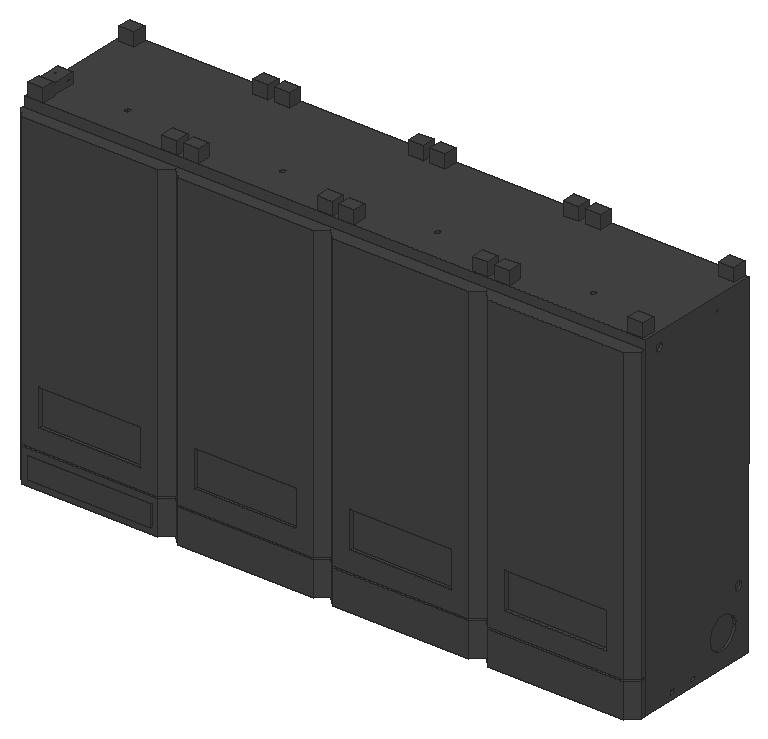
Revit family "SPG1012-4_Revit", category Mechanical Equipment, Revit 2014
Parameters (values of type "Standard")
  d98 = 0' - 2.04"
  d96 = 0' - 2.04"
  d94 = 0' - 2.04"
  d92 = 0' - 2.04"
  d90 = 0' - 2.04"
  d88 = 0' - 2.04"
  d86 = 0' - 2.04"
  d84 = 0' - 2.04"
  d82 = 0' - 2.04"
  d80 = 0' - 2.04"
  d78 = 0' - 2.04"
  d76 = 0' - 2.04"
  d74 = 0' - 2.04"
  d72 = 0' - 2.04"
  d70 = 0' - 0 1/2"
  d68 = 0' - 0 1/2"
  d66 = 0' - 0 1/2"
  d64 = 0' - 0 1/2"
  d62 = 0' - 0 1/2"
  d60 = 0' - 0 1/2"
  d58 = 0' - 0 1/2"
  d56 = 0' - 0 1/2"
  d54 = 0' - 0 1/2"
  d52 = 0' - 0 1/2"
  d50 = 0' - 0 1/2"
  d48 = 0' - 0 1/2"
  d46 = 0' - 0 1/2"
  d44 = 0' - 1.568"
  d42 = 0' - 0 1/2"
  d40 = 0' - 0 1/2"
  d38 = 0' - 0 1/2"
  d36 = 0' - 0 1/2"
  d34 = 0' - 0 1/2"
  d32 = 0' - 0 1/2"
  d30 = 0' - 0 1/2"
  d28 = 0' - 0 1/2"
  d26 = 0' - 0 1/2"
  d24 = 0' - 0 1/2"
  d22 = 0' - 0 1/2"
  d20 = 0' - 0 1/2"
  d18 = 0' - 0 1/2"
  d16 = 0' - 0 1/2"
  d132 = 0' - 0"
  d126 = 4' - 3.9938"
  d124 = 0' - 5 1/4"
  d122 = 0' - 5"
  d120 = 0' - 5"
  d118 = 0' - 5"
  d116 = 0' - 5"
  d114 = 3' - 9.203"
  d112 = 3' - 8.953"
  d110 = 3' - 8.953"
  d108 = 3' - 8.953"
  d106 = 3' - 8.953"
  d104 = 0' - 2.3146"
  d102 = 0' - 2.3146"
  d100 = 0' - 2.04"
  URL = "www.neptronic.com"
  Part Number = "SPG1012-4_Revit"
  Model = "SKG3710, SKG3765, SKG3810"
  Manufacturer = "Neptronic"
  Designer = "Antoine"
  Design Status = 1
  Description = "Gas Fired Humidifier (4 Modules)"
  Date Created = "2014-08-08 11:32:01"
  Connector_9_Diameter = 0' - 0"
  Connector_8_Diameter = 0' - 0"
  Connector_7_Diameter = 0' - 0"
  Connector_6_Diameter = 0' - 0"
  Connector_5_Diameter = 0' - 0"
  Connector_4_Diameter = 0' - 0"
  Connector_3_Diameter = 0' - 0"
  Connector_2_Diameter = 0' - 0"
  Connector_25_Width = 0' - 0"
  Connector_25_Height = 0' - 0"
  Connector_24_Width = 0' - 0"
  Connector_24_Height = 0' - 0"
  Connector_23_Width = 0' - 0"
  Connector_23_Height = 0' - 0"
  Connector_22_Width = 0' - 0"
  Connector_22_Height = 0' - 0"
  Connector_21_Diameter = 0' - 0"
  Connector_20_Diameter = 0' - 0"
  Connector_1_Diameter = 0' - 0"
  Connector_19_Diameter = 0' - 0"
  Connector_18_Diameter = 0' - 0"
  Connector_17_Diameter = 0' - 0"
  Connector_16_Diameter = 0' - 0"
  Connector_15_Diameter = 0' - 0"
  Connector_10_Diameter = 0' - 0"
  Author = "Antoine"
Reference planes (in)
  plane 1 "Center (Front/Back)": y = 0
  plane 2: z = 0
  plane 3 "Center (Left/Right)": x = 0
  plane 4: z = 15.31918
  plane 5: z = -36.67462
  plane 6: z = -31.50182
  plane 7: z = -36.75182
  plane 8: z = -31.50182
  plane 9: z = -36.50182
  plane 10: z = -31.50182
  plane 11: z = -36.50182
  plane 12: z = -31.50182
  plane 13: z = -36.50182
  plane 14: z = -31.50182
  plane 15: z = -36.50182
  plane 16: z = -31.25182
  plane 17: z = 13.95118
  plane 18: z = -31.25182
  plane 19: z = 13.70118
  plane 20: z = -31.25182
  plane 21: z = 13.70118
  plane 22: z = -31.25182
  plane 23: z = 13.70118
  plane 24: z = -31.25182
  plane 25: z = 13.70118
  plane 26: x = -53.83682
  plane 27: x = -56.15142
  plane 28: x = -53.83682
  plane 29: x = -56.15142
  plane 30: z = 15.31918
  plane 31: z = 17.35918
  plane 32: z = 15.31918
  plane 33: z = 17.35918
  plane 34: z = 15.31918
  plane 35: z = 17.35918
  plane 36: z = 15.31918
  plane 37: z = 17.35918
  plane 38: z = 15.31918
  plane 39: z = 17.35918
  plane 40: z = 15.31918
  plane 41: z = 17.35918
  plane 42: z = 15.31918
  plane 43: z = 17.35918
  plane 44: z = 15.31918
  plane 45: z = 17.35918
  plane 46: z = 15.31918
  plane 47: z = 17.35918
  plane 48: z = 15.31918
  plane 49: z = 17.35918
  plane 50: z = 15.31918
  plane 51: z = 17.35918
  plane 52: z = 15.31918
  plane 53: z = 17.35918
  plane 54: z = 15.31918
  plane 55: z = 17.35918
  plane 56: z = 15.31918
  plane 57: z = 17.35918
  plane 58: z = 15.31918
  plane 59: z = 17.35918
  plane 60: z = 15.31918
  plane 61: z = 14.81918
  plane 62: z = 15.31918
  plane 63: z = 14.81918
  plane 64: z = 15.31918
  plane 65: z = 14.81918
  plane 66: z = 15.31918
  plane 67: z = 14.81918
  plane 68: x = 39.23958
  plane 69: x = 38.73958
  plane 70: x = 39.23958
  plane 71: x = 38.73958
  plane 72: x = 39.23958
  plane 73: x = 38.73958
  plane 74: x = 39.23958
  plane 75: x = 38.73958
  plane 76: x = 39.23958
  plane 77: x = 38.73958
  plane 78: x = 39.23958
  plane 79: x = 38.73958
  plane 80: x = -56.65242
  plane 81: x = -56.15242
  plane 82: x = -56.65242
  plane 83: x = -56.15242
  plane 84: x = -56.65242
  plane 85: x = -56.15242
  plane 86: x = -56.65242
  plane 87: x = -58.22042
  plane 88: x = -56.65242
  plane 89: x = -56.15242
  plane 90: x = -56.65242
  plane 91: x = -56.15242
  plane 92: z = -36.67462
  plane 93: z = -36.17462
  plane 94: z = -36.67462
  plane 95: z = -36.17462
  plane 96: z = -36.67462
  plane 97: z = -36.17462
  plane 98: z = -36.67462
  plane 99: z = -36.17462
  plane 100: z = -36.67462
  plane 101: z = -36.17462
  plane 102: z = -36.67462
  plane 103: z = -36.17462
  plane 104: z = -36.67462
  plane 105: z = -36.17462
  plane 106: z = -36.67462
  plane 107: z = -36.17462
  plane 108: y = 24.18102
  plane 109: y = 24.68102
  plane 110: y = 24.18102
  plane 111: y = 24.68102
  plane 112: y = 24.18102
  plane 113: y = 24.68102
  plane 114: y = 24.18102
  plane 115: y = 24.68102
Forms (in)
  Extrusion 1, solid
    sketch origin (0, 0, 15.31918) x (-1, 0, 0) y (0, -1, 0)
      loop
        line (56.65242, -26.49202) -> (-39.23958, -26.49202) -> (-39.23958, -46.24182) -> (56.65242, -46.24182) -> (56.65242, -26.49202)
    from 0 to -51.9938
  Extrusion 2, solid
    sketch origin (0, 0, -31.50182) x (-1, 0, 0) y (0, -1, 0)
      loop
        line (-16.76338, -24.18102) -> (-37.74378, -24.18102) -> (-39.25358, -25.69082) -> (-39.25358, -26.24202) -> (56.66642, -26.24202) -> (56.66642, -25.69182) -> (55.15562, -24.18102) -> (34.17522, -24.18102) -> (32.67892, -25.67732) -> (31.18262, -24.18102) -> (10.20222, -24.18102) -> (8.70592, -25.67732) -> (7.20962, -24.18102) -> (-13.77078, -24.18102) -> (-15.26708, -25.67732) -> (-16.76338, -24.18102)
    from 0 to -5.25
  Extrusion 3, solid
    sketch origin (0, 0, -31.50182) x (-1, 0, 0) y (0, -1, 0)
      loop
        line (32.91542, -26.49202) -> (56.41642, -26.49202) -> (56.41642, -26.24202) -> (32.91542, -26.24202) -> (32.91542, -26.49202)
    from 0 to -5
  Extrusion 4, solid
    sketch origin (0, 0, -31.50182) x (-1, 0, 0) y (0, -1, 0)
      loop
        line (8.94242, -26.49202) -> (32.44342, -26.49202) -> (32.44342, -26.24202) -> (8.94242, -26.24202) -> (8.94242, -26.49202)
    from 0 to -5
  Extrusion 5, solid
    sketch origin (0, 0, -31.50182) x (-1, 0, 0) y (0, -1, 0)
      loop
        line (-15.03058, -26.49202) -> (8.47042, -26.49202) -> (8.47042, -26.24202) -> (-15.03058, -26.24202) -> (-15.03058, -26.49202)
    from 0 to -5
  Extrusion 6, solid
    sketch origin (0, 0, -31.50182) x (-1, 0, 0) y (0, -1, 0)
      loop
        line (-39.00358, -26.49202) -> (-15.50258, -26.49202) -> (-15.50258, -26.24202) -> (-39.00358, -26.24202) -> (-39.00358, -26.49202)
    from 0 to -5
  Extrusion 7, solid
    sketch origin (0, 0, -31.25182) x (-1, 0, 0) y (0, -1, 0)
      loop
        line (-39.25358, -26.24202) -> (56.66642, -26.24202) -> (56.66642, -25.69182) -> (55.15562, -24.18102) -> (34.17522, -24.18102) -> (32.67892, -25.67732) -> (31.18262, -24.18102) -> (10.20222, -24.18102) -> (8.70592, -25.67732) -> (7.20962, -24.18102) -> (-13.77078, -24.18102) -> (-15.26708, -25.67732) -> (-16.76338, -24.18102) -> (-37.74378, -24.18102) -> (-39.25358, -25.69082) -> (-39.25358, -26.24202)
    from 0 to 45.203
  Extrusion 8, solid
    sketch origin (0, 0, -31.25182) x (-1, 0, 0) y (0, -1, 0)
      loop
        line (-15.50258, -26.49202) -> (-15.50258, -26.24202) -> (-39.00358, -26.24202) -> (-39.00358, -26.49202) -> (-15.50258, -26.49202)
    from 0 to 44.953
  Extrusion 9, solid
    sketch origin (0, 0, -31.25182) x (-1, 0, 0) y (0, -1, 0)
      loop
        line (8.47042, -26.49202) -> (8.47042, -26.24202) -> (-15.03058, -26.24202) -> (-15.03058, -26.49202) -> (8.47042, -26.49202)
    from 0 to 44.953
  Extrusion 10, solid
    sketch origin (0, 0, -31.25182) x (-1, 0, 0) y (0, -1, 0)
      loop
        line (32.44342, -26.49202) -> (32.44342, -26.24202) -> (8.94242, -26.24202) -> (8.94242, -26.49202) -> (32.44342, -26.49202)
    from 0 to 44.953
  Extrusion 11, solid
    sketch origin (0, 0, -31.25182) x (-1, 0, 0) y (0, -1, 0)
      loop
        line (56.41642, -26.49202) -> (56.41642, -26.24202) -> (32.91542, -26.24202) -> (32.91542, -26.49202) -> (56.41642, -26.49202)
    from 0 to 44.953
  Extrusion 12, solid
    sketch origin (-53.83682, 0, 0) x (0, -1, 0) y (0, 0, -1)
      loop
        line (-28.58812, -17.35918) -> (-26.58812, -17.35918) -> (-26.58812, -15.31918) -> (-28.58812, -15.31918) -> (-28.58812, -15.48018) -> (-32.30312, -15.48018) -> (-32.30312, -17.08018) -> (-28.58812, -17.08018) -> (-28.58812, -17.35918)
    from 0 to -2.3146
  Extrusion 13, void
    sketch origin (-53.83682, 0, 0) x (0, -1, 0) y (0, 0, -1)
      loop
        circle (-31.36562, -16.28018) r 0.25
    from 0 to -2.3146
  Extrusion 14, solid
    sketch origin (0, 0, 15.31918) x (-1, 0, 0) y (0, -1, 0)
      loop
        line (53.83682, -44.14352) -> (53.83682, -46.14352) -> (56.15142, -46.14352) -> (56.15142, -44.14352) -> (53.83682, -44.14352)
    from 0 to 2.04
  Extrusion 15, solid
    sketch origin (0, 0, 15.31918) x (-1, 0, 0) y (0, -1, 0)
      loop
        line (33.18042, -44.14352) -> (33.18042, -46.14352) -> (35.49502, -46.14352) -> (35.49502, -44.14352) -> (33.18042, -44.14352)
    from 0 to 2.04
  Extrusion 16, solid
    sketch origin (0, 0, 15.31918) x (-1, 0, 0) y (0, -1, 0)
      loop
        line (29.86382, -44.14352) -> (29.86382, -46.14352) -> (32.17842, -46.14352) -> (32.17842, -44.14352) -> (29.86382, -44.14352)
    from 0 to 2.04
  Extrusion 17, solid
    sketch origin (0, 0, 15.31918) x (-1, 0, 0) y (0, -1, 0)
      loop
        line (35.49502, -28.58812) -> (35.49502, -26.58812) -> (33.18042, -26.58812) -> (33.18042, -28.58812) -> (35.49502, -28.58812)
    from 0 to 2.04
  Extrusion 18, solid
    sketch origin (0, 0, 15.31918) x (-1, 0, 0) y (0, -1, 0)
      loop
        line (32.17842, -28.58812) -> (32.17842, -26.58812) -> (29.86382, -26.58812) -> (29.86382, -28.58812) -> (32.17842, -28.58812)
    from 0 to 2.04
  Extrusion 19, solid
    sketch origin (0, 0, 15.31918) x (-1, 0, 0) y (0, -1, 0)
      loop
        line (9.20742, -44.14352) -> (9.20742, -46.14352) -> (11.52202, -46.14352) -> (11.52202, -44.14352) -> (9.20742, -44.14352)
    from 0 to 2.04
  Extrusion 20, solid
    sketch origin (0, 0, 15.31918) x (-1, 0, 0) y (0, -1, 0)
      loop
        line (11.52202, -28.58812) -> (11.52202, -26.58812) -> (9.20742, -26.58812) -> (9.20742, -28.58812) -> (11.52202, -28.58812)
    from 0 to 2.04
  Extrusion 21, solid
    sketch origin (0, 0, 15.31918) x (-1, 0, 0) y (0, -1, 0)
      loop
        line (8.20542, -46.14352) -> (8.20542, -44.14352) -> (5.89082, -44.14352) -> (5.89082, -46.14352) -> (8.20542, -46.14352)
    from 0 to 2.04
  Extrusion 22, solid
    sketch origin (0, 0, 15.31918) x (-1, 0, 0) y (0, -1, 0)
      loop
        line (5.89082, -26.58812) -> (5.89082, -28.58812) -> (8.20542, -28.58812) -> (8.20542, -26.58812) -> (5.89082, -26.58812)
    from 0 to 2.04
  Extrusion 23, solid
    sketch origin (0, 0, 15.31918) x (-1, 0, 0) y (0, -1, 0)
      loop
        line (-15.76758, -44.14352) -> (-18.08218, -44.14352) -> (-18.08218, -46.14352) -> (-15.76758, -46.14352) -> (-15.76758, -44.14352)
    from 0 to 2.04
  Extrusion 24, solid
    sketch origin (0, 0, 15.31918) x (-1, 0, 0) y (0, -1, 0)
      loop
        line (-12.45098, -46.14352) -> (-12.45098, -44.14352) -> (-14.76558, -44.14352) -> (-14.76558, -46.14352) -> (-12.45098, -46.14352)
    from 0 to 2.04
  Extrusion 25, solid
    sketch origin (0, 0, 15.31918) x (-1, 0, 0) y (0, -1, 0)
      loop
        line (-14.76558, -26.58812) -> (-14.76558, -28.58812) -> (-12.45098, -28.58812) -> (-12.45098, -26.58812) -> (-14.76558, -26.58812)
    from 0 to 2.04
  Extrusion 26, solid
    sketch origin (0, 0, 15.31918) x (-1, 0, 0) y (0, -1, 0)
      loop
        line (-18.08218, -28.58812) -> (-15.76758, -28.58812) -> (-15.76758, -26.58812) -> (-18.08218, -26.58812) -> (-18.08218, -28.58812)
    from 0 to 2.04
  Extrusion 27, solid
    sketch origin (0, 0, 15.31918) x (-1, 0, 0) y (0, -1, 0)
      loop
        line (-38.73858, -28.58812) -> (-36.42398, -28.58812) -> (-36.42398, -26.58812) -> (-38.73858, -26.58812) -> (-38.73858, -28.58812)
    from 0 to 2.04
  Extrusion 28, solid
    sketch origin (0, 0, 15.31918) x (-1, 0, 0) y (0, -1, 0)
      loop
        line (-36.42398, -44.14352) -> (-38.73858, -44.14352) -> (-38.73858, -46.14352) -> (-36.42398, -46.14352) -> (-36.42398, -44.14352)
    from 0 to 2.04
  Extrusion 29, void
    sketch origin (0, 0, 15.31918) x (-1, 0, 0) y (0, -1, 0)
      loop
        circle (-27.25308, -31.36682) r 0.375
    from 0 to -0.5
  Extrusion 30, void
    sketch origin (0, 0, 15.31918) x (-1, 0, 0) y (0, -1, 0)
      loop
        circle (-3.28008, -31.36682) r 0.375
    from 0 to -0.5
  Extrusion 31, void
    sketch origin (0, 0, 15.31918) x (-1, 0, 0) y (0, -1, 0)
      loop
        circle (20.69292, -31.36682) r 0.375
    from 0 to -0.5
  Extrusion 32, void
    sketch origin (0, 0, 15.31918) x (-1, 0, 0) y (0, -1, 0)
      loop
        circle (44.66592, -31.36682) r 0.375
    from 0 to -0.5
  Extrusion 33, void
    sketch origin (39.23958, 0, 0) x (0, -1, 0) y (0, 0, -1)
      loop
        circle (-29.06582, -13.12913) r 0.6875
    from 0 to -0.5
  Extrusion 34, void
    sketch origin (39.23958, 0, 0) x (0, -1, 0) y (0, 0, -1)
      loop
        circle (-40.24082, -13.28518) r 0.25
    from 0 to -0.5
  Extrusion 35, void
    sketch origin (39.23958, 0, 0) x (0, -1, 0) y (0, 0, -1)
      loop
        circle (-44.33182, 26.52484) r 0.75
    from 0 to -0.5
  Extrusion 36, void
    sketch origin (39.23958, 0, 0) x (0, -1, 0) y (0, 0, -1)
      loop
        circle (-41.29267, 31.73682) r 2.5
    from 0 to -0.5
  Extrusion 37, void
    sketch origin (39.23958, 0, 0) x (0, -1, 0) y (0, 0, -1)
      loop
        circle (-31.49082, 35.62682) r 0.4375
    from 0 to -0.5
  Extrusion 38, void
    sketch origin (39.23958, 0, 0) x (0, -1, 0) y (0, 0, -1)
      loop
        circle (-35.49082, 35.62682) r 0.4375
    from 0 to -0.5
  Extrusion 39, void
    sketch origin (-56.65242, 0, 0) x (0, -1, 0) y (0, 0, 1)
      loop
        circle (-29.06582, 13.12913) r 0.6875
    from 0 to -0.5
  Extrusion 40, void
    sketch origin (-56.65242, 0, 0) x (0, -1, 0) y (0, 0, 1)
      loop
        circle (-40.24082, 13.28518) r 0.25
    from 0 to -0.5
  Extrusion 41, void
    sketch origin (-56.65242, 0, 0) x (0, -1, 0) y (0, 0, 1)
      loop
        circle (-44.33182, -26.52484) r 0.75
    from 0 to -0.5
  Extrusion 42, solid
    sketch origin (-56.65242, 0, 0) x (0, -1, 0) y (0, 0, 1)
      loop
        circle (-41.29267, -31.73682) r 2.5
    from 0 to 1.568
  Extrusion 43, void
    sketch origin (-56.65242, 0, 0) x (0, -1, 0) y (0, 0, 1)
      loop
        circle (-31.49082, -35.62682) r 0.4375
    from 0 to -0.5
  Extrusion 44, void
    sketch origin (-56.65242, 0, 0) x (0, -1, 0) y (0, 0, 1)
      loop
        circle (-35.49082, -35.62682) r 0.4375
    from 0 to -0.5
  Extrusion 45, void
    sketch origin (0, 0, -36.67462) x (-1, 0, 0) y (0, -1, 0)
      loop
        circle (42.85242, -28.64182) r 1
    from 0 to 0.5
  Extrusion 46, void
    sketch origin (0, 0, -36.67462) x (-1, 0, 0) y (0, -1, 0)
      loop
        circle (38.65242, -37.24182) r 1.5
    from 0 to 0.5
  Extrusion 47, void
    sketch origin (0, 0, -36.67462) x (-1, 0, 0) y (0, -1, 0)
      loop
        circle (18.87942, -28.64182) r 1
    from 0 to 0.5
  Extrusion 48, void
    sketch origin (0, 0, -36.67462) x (-1, 0, 0) y (0, -1, 0)
      loop
        circle (14.67942, -37.24182) r 1.5
    from 0 to 0.5
  Extrusion 49, void
    sketch origin (0, 0, -36.67462) x (-1, 0, 0) y (0, -1, 0)
      loop
        circle (-5.09358, -28.64182) r 1
    from 0 to 0.5
  Extrusion 50, void
    sketch origin (0, 0, -36.67462) x (-1, 0, 0) y (0, -1, 0)
      loop
        circle (-9.29358, -37.24182) r 1.5
    from 0 to 0.5
  Extrusion 51, void
    sketch origin (0, 0, -36.67462) x (-1, 0, 0) y (0, -1, 0)
      loop
        circle (-29.06658, -28.64182) r 1
    from 0 to 0.5
  Extrusion 52, void
    sketch origin (0, 0, -36.67462) x (-1, 0, 0) y (0, -1, 0)
      loop
        circle (-33.26658, -37.24182) r 1.5
    from 0 to 0.5
  Extrusion 53, void
    sketch origin (0, 24.18102, 0) x (-1, 0, 0) y (0, 0, -1)
      loop
        line (36.79142, 22.49582) -> (52.54142, 22.49582) -> (52.54142, 28.09132) -> (36.79142, 28.09132) -> (36.79142, 22.49582)
    from 0 to -0.5
  Extrusion 54, void
    sketch origin (0, 24.18102, 0) x (-1, 0, 0) y (0, 0, -1)
      loop
        line (12.81842, 22.49582) -> (28.56842, 22.49582) -> (28.56842, 28.09132) -> (12.81842, 28.09132) -> (12.81842, 22.49582)
    from 0 to -0.5
  Extrusion 55, void
    sketch origin (0, 24.18102, 0) x (-1, 0, 0) y (0, 0, -1)
      loop
        line (4.59542, 28.09132) -> (-11.15458, 28.09132) -> (-11.15458, 22.49582) -> (4.59542, 22.49582) -> (4.59542, 28.09132)
    from 0 to -0.5
  Extrusion 56, void
    sketch origin (0, 24.18102, 0) x (-1, 0, 0) y (0, 0, -1)
      loop
        line (-19.37758, 22.49582) -> (-19.37758, 28.09132) -> (-35.12758, 28.09132) -> (-35.12758, 22.49582) -> (-19.37758, 22.49582)
    from 0 to -0.5
  Extrusion 57, solid
    sketch origin (-55.15562, 24.18102, -31.50182) x (0, 0, -1) y (1, 0, 0)
      loop
        line (4.25, 1) -> (4.25, 19.9804) -> (1, 19.9804) -> (1, 1) -> (4.25, 1)
    from 0 to 0.125
Cuts and joins
  Extrusion 13, Extrusion 29, Extrusion 30, Extrusion 31, Extrusion 32, Extrusion 33, Extrusion 34, Extrusion 35, Extrusion 36, Extrusion 37, Extrusion 38, Extrusion 39, Extrusion 40, Extrusion 41, Extrusion 43, Extrusion 44, Extrusion 45, Extrusion 46, Extrusion 47, Extrusion 48, Extrusion 49, Extrusion 50, Extrusion 51, Extrusion 52, Extrusion 53, Extrusion 54, Extrusion 55, Extrusion 56 cuts Extrusion 1
  Extrusion 13, Extrusion 29, Extrusion 30, Extrusion 31, Extrusion 32, Extrusion 33, Extrusion 34, Extrusion 35, Extrusion 36, Extrusion 37, Extrusion 38, Extrusion 39, Extrusion 40, Extrusion 41, Extrusion 43, Extrusion 44, Extrusion 45, Extrusion 46, Extrusion 47, Extrusion 48, Extrusion 49, Extrusion 50, Extrusion 51, Extrusion 52, Extrusion 53, Extrusion 54, Extrusion 55, Extrusion 56 cuts Extrusion 2
  Extrusion 13, Extrusion 29, Extrusion 30, Extrusion 31, Extrusion 32, Extrusion 33, Extrusion 34, Extrusion 35, Extrusion 36, Extrusion 37, Extrusion 38, Extrusion 39, Extrusion 40, Extrusion 41, Extrusion 43, Extrusion 44, Extrusion 45, Extrusion 46, Extrusion 47, Extrusion 48, Extrusion 49, Extrusion 50, Extrusion 51, Extrusion 52, Extrusion 53, Extrusion 54, Extrusion 55, Extrusion 56 cuts Extrusion 3
  Extrusion 13, Extrusion 29, Extrusion 30, Extrusion 31, Extrusion 32, Extrusion 33, Extrusion 34, Extrusion 35, Extrusion 36, Extrusion 37, Extrusion 38, Extrusion 39, Extrusion 40, Extrusion 41, Extrusion 43, Extrusion 44, Extrusion 45, Extrusion 46, Extrusion 47, Extrusion 48, Extrusion 49, Extrusion 50, Extrusion 51, Extrusion 52, Extrusion 53, Extrusion 54, Extrusion 55, Extrusion 56 cuts Extrusion 4
  Extrusion 13, Extrusion 29, Extrusion 30, Extrusion 31, Extrusion 32, Extrusion 33, Extrusion 34, Extrusion 35, Extrusion 36, Extrusion 37, Extrusion 38, Extrusion 39, Extrusion 40, Extrusion 41, Extrusion 43, Extrusion 44, Extrusion 45, Extrusion 46, Extrusion 47, Extrusion 48, Extrusion 49, Extrusion 50, Extrusion 51, Extrusion 52, Extrusion 53, Extrusion 54, Extrusion 55, Extrusion 56 cuts Extrusion 5
  Extrusion 13, Extrusion 29, Extrusion 30, Extrusion 31, Extrusion 32, Extrusion 33, Extrusion 34, Extrusion 35, Extrusion 36, Extrusion 37, Extrusion 38, Extrusion 39, Extrusion 40, Extrusion 41, Extrusion 43, Extrusion 44, Extrusion 45, Extrusion 46, Extrusion 47, Extrusion 48, Extrusion 49, Extrusion 50, Extrusion 51, Extrusion 52, Extrusion 53, Extrusion 54, Extrusion 55, Extrusion 56 cuts Extrusion 6
  Extrusion 13, Extrusion 29, Extrusion 30, Extrusion 31, Extrusion 32, Extrusion 33, Extrusion 34, Extrusion 35, Extrusion 36, Extrusion 37, Extrusion 38, Extrusion 39, Extrusion 40, Extrusion 41, Extrusion 43, Extrusion 44, Extrusion 45, Extrusion 46, Extrusion 47, Extrusion 48, Extrusion 49, Extrusion 50, Extrusion 51, Extrusion 52, Extrusion 53, Extrusion 54, Extrusion 55, Extrusion 56 cuts Extrusion 7
  Extrusion 13, Extrusion 29, Extrusion 30, Extrusion 31, Extrusion 32, Extrusion 33, Extrusion 34, Extrusion 35, Extrusion 36, Extrusion 37, Extrusion 38, Extrusion 39, Extrusion 40, Extrusion 41, Extrusion 43, Extrusion 44, Extrusion 45, Extrusion 46, Extrusion 47, Extrusion 48, Extrusion 49, Extrusion 50, Extrusion 51, Extrusion 52, Extrusion 53, Extrusion 54, Extrusion 55, Extrusion 56 cuts Extrusion 8
  Extrusion 13, Extrusion 29, Extrusion 30, Extrusion 31, Extrusion 32, Extrusion 33, Extrusion 34, Extrusion 35, Extrusion 36, Extrusion 37, Extrusion 38, Extrusion 39, Extrusion 40, Extrusion 41, Extrusion 43, Extrusion 44, Extrusion 45, Extrusion 46, Extrusion 47, Extrusion 48, Extrusion 49, Extrusion 50, Extrusion 51, Extrusion 52, Extrusion 53, Extrusion 54, Extrusion 55, Extrusion 56 cuts Extrusion 9
  Extrusion 13, Extrusion 29, Extrusion 30, Extrusion 31, Extrusion 32, Extrusion 33, Extrusion 34, Extrusion 35, Extrusion 36, Extrusion 37, Extrusion 38, Extrusion 39, Extrusion 40, Extrusion 41, Extrusion 43, Extrusion 44, Extrusion 45, Extrusion 46, Extrusion 47, Extrusion 48, Extrusion 49, Extrusion 50, Extrusion 51, Extrusion 52, Extrusion 53, Extrusion 54, Extrusion 55, Extrusion 56 cuts Extrusion 10
  Extrusion 13, Extrusion 29, Extrusion 30, Extrusion 31, Extrusion 32, Extrusion 33, Extrusion 34, Extrusion 35, Extrusion 36, Extrusion 37, Extrusion 38, Extrusion 39, Extrusion 40, Extrusion 41, Extrusion 43, Extrusion 44, Extrusion 45, Extrusion 46, Extrusion 47, Extrusion 48, Extrusion 49, Extrusion 50, Extrusion 51, Extrusion 52, Extrusion 53, Extrusion 54, Extrusion 55, Extrusion 56 cuts Extrusion 11
  Extrusion 13, Extrusion 29, Extrusion 30, Extrusion 31, Extrusion 32, Extrusion 33, Extrusion 34, Extrusion 35, Extrusion 36, Extrusion 37, Extrusion 38, Extrusion 39, Extrusion 40, Extrusion 41, Extrusion 43, Extrusion 44, Extrusion 45, Extrusion 46, Extrusion 47, Extrusion 48, Extrusion 49, Extrusion 50, Extrusion 51, Extrusion 52, Extrusion 53, Extrusion 54, Extrusion 55, Extrusion 56 cuts Extrusion 12
  Extrusion 29, Extrusion 30, Extrusion 31, Extrusion 32, Extrusion 33, Extrusion 34, Extrusion 35, Extrusion 36, Extrusion 37, Extrusion 38, Extrusion 39, Extrusion 40, Extrusion 41, Extrusion 43, Extrusion 44, Extrusion 45, Extrusion 46, Extrusion 47, Extrusion 48, Extrusion 49, Extrusion 50, Extrusion 51, Extrusion 52, Extrusion 53, Extrusion 54, Extrusion 55, Extrusion 56 cuts Extrusion 14
  Extrusion 29, Extrusion 30, Extrusion 31, Extrusion 32, Extrusion 33, Extrusion 34, Extrusion 35, Extrusion 36, Extrusion 37, Extrusion 38, Extrusion 39, Extrusion 40, Extrusion 41, Extrusion 43, Extrusion 44, Extrusion 45, Extrusion 46, Extrusion 47, Extrusion 48, Extrusion 49, Extrusion 50, Extrusion 51, Extrusion 52, Extrusion 53, Extrusion 54, Extrusion 55, Extrusion 56 cuts Extrusion 15
  Extrusion 29, Extrusion 30, Extrusion 31, Extrusion 32, Extrusion 33, Extrusion 34, Extrusion 35, Extrusion 36, Extrusion 37, Extrusion 38, Extrusion 39, Extrusion 40, Extrusion 41, Extrusion 43, Extrusion 44, Extrusion 45, Extrusion 46, Extrusion 47, Extrusion 48, Extrusion 49, Extrusion 50, Extrusion 51, Extrusion 52, Extrusion 53, Extrusion 54, Extrusion 55, Extrusion 56 cuts Extrusion 16
  Extrusion 29, Extrusion 30, Extrusion 31, Extrusion 32, Extrusion 33, Extrusion 34, Extrusion 35, Extrusion 36, Extrusion 37, Extrusion 38, Extrusion 39, Extrusion 40, Extrusion 41, Extrusion 43, Extrusion 44, Extrusion 45, Extrusion 46, Extrusion 47, Extrusion 48, Extrusion 49, Extrusion 50, Extrusion 51, Extrusion 52, Extrusion 53, Extrusion 54, Extrusion 55, Extrusion 56 cuts Extrusion 17
  Extrusion 29, Extrusion 30, Extrusion 31, Extrusion 32, Extrusion 33, Extrusion 34, Extrusion 35, Extrusion 36, Extrusion 37, Extrusion 38, Extrusion 39, Extrusion 40, Extrusion 41, Extrusion 43, Extrusion 44, Extrusion 45, Extrusion 46, Extrusion 47, Extrusion 48, Extrusion 49, Extrusion 50, Extrusion 51, Extrusion 52, Extrusion 53, Extrusion 54, Extrusion 55, Extrusion 56 cuts Extrusion 18
  Extrusion 29, Extrusion 30, Extrusion 31, Extrusion 32, Extrusion 33, Extrusion 34, Extrusion 35, Extrusion 36, Extrusion 37, Extrusion 38, Extrusion 39, Extrusion 40, Extrusion 41, Extrusion 43, Extrusion 44, Extrusion 45, Extrusion 46, Extrusion 47, Extrusion 48, Extrusion 49, Extrusion 50, Extrusion 51, Extrusion 52, Extrusion 53, Extrusion 54, Extrusion 55, Extrusion 56 cuts Extrusion 19
  Extrusion 29, Extrusion 30, Extrusion 31, Extrusion 32, Extrusion 33, Extrusion 34, Extrusion 35, Extrusion 36, Extrusion 37, Extrusion 38, Extrusion 39, Extrusion 40, Extrusion 41, Extrusion 43, Extrusion 44, Extrusion 45, Extrusion 46, Extrusion 47, Extrusion 48, Extrusion 49, Extrusion 50, Extrusion 51, Extrusion 52, Extrusion 53, Extrusion 54, Extrusion 55, Extrusion 56 cuts Extrusion 20
  Extrusion 29, Extrusion 30, Extrusion 31, Extrusion 32, Extrusion 33, Extrusion 34, Extrusion 35, Extrusion 36, Extrusion 37, Extrusion 38, Extrusion 39, Extrusion 40, Extrusion 41, Extrusion 43, Extrusion 44, Extrusion 45, Extrusion 46, Extrusion 47, Extrusion 48, Extrusion 49, Extrusion 50, Extrusion 51, Extrusion 52, Extrusion 53, Extrusion 54, Extrusion 55, Extrusion 56 cuts Extrusion 21
  Extrusion 29, Extrusion 30, Extrusion 31, Extrusion 32, Extrusion 33, Extrusion 34, Extrusion 35, Extrusion 36, Extrusion 37, Extrusion 38, Extrusion 39, Extrusion 40, Extrusion 41, Extrusion 43, Extrusion 44, Extrusion 45, Extrusion 46, Extrusion 47, Extrusion 48, Extrusion 49, Extrusion 50, Extrusion 51, Extrusion 52, Extrusion 53, Extrusion 54, Extrusion 55, Extrusion 56 cuts Extrusion 22
  Extrusion 29, Extrusion 30, Extrusion 31, Extrusion 32, Extrusion 33, Extrusion 34, Extrusion 35, Extrusion 36, Extrusion 37, Extrusion 38, Extrusion 39, Extrusion 40, Extrusion 41, Extrusion 43, Extrusion 44, Extrusion 45, Extrusion 46, Extrusion 47, Extrusion 48, Extrusion 49, Extrusion 50, Extrusion 51, Extrusion 52, Extrusion 53, Extrusion 54, Extrusion 55, Extrusion 56 cuts Extrusion 23
  Extrusion 29, Extrusion 30, Extrusion 31, Extrusion 32, Extrusion 33, Extrusion 34, Extrusion 35, Extrusion 36, Extrusion 37, Extrusion 38, Extrusion 39, Extrusion 40, Extrusion 41, Extrusion 43, Extrusion 44, Extrusion 45, Extrusion 46, Extrusion 47, Extrusion 48, Extrusion 49, Extrusion 50, Extrusion 51, Extrusion 52, Extrusion 53, Extrusion 54, Extrusion 55, Extrusion 56 cuts Extrusion 24
  Extrusion 29, Extrusion 30, Extrusion 31, Extrusion 32, Extrusion 33, Extrusion 34, Extrusion 35, Extrusion 36, Extrusion 37, Extrusion 38, Extrusion 39, Extrusion 40, Extrusion 41, Extrusion 43, Extrusion 44, Extrusion 45, Extrusion 46, Extrusion 47, Extrusion 48, Extrusion 49, Extrusion 50, Extrusion 51, Extrusion 52, Extrusion 53, Extrusion 54, Extrusion 55, Extrusion 56 cuts Extrusion 25
  Extrusion 29, Extrusion 30, Extrusion 31, Extrusion 32, Extrusion 33, Extrusion 34, Extrusion 35, Extrusion 36, Extrusion 37, Extrusion 38, Extrusion 39, Extrusion 40, Extrusion 41, Extrusion 43, Extrusion 44, Extrusion 45, Extrusion 46, Extrusion 47, Extrusion 48, Extrusion 49, Extrusion 50, Extrusion 51, Extrusion 52, Extrusion 53, Extrusion 54, Extrusion 55, Extrusion 56 cuts Extrusion 26
  Extrusion 29, Extrusion 30, Extrusion 31, Extrusion 32, Extrusion 33, Extrusion 34, Extrusion 35, Extrusion 36, Extrusion 37, Extrusion 38, Extrusion 39, Extrusion 40, Extrusion 41, Extrusion 43, Extrusion 44, Extrusion 45, Extrusion 46, Extrusion 47, Extrusion 48, Extrusion 49, Extrusion 50, Extrusion 51, Extrusion 52, Extrusion 53, Extrusion 54, Extrusion 55, Extrusion 56 cuts Extrusion 27
  Extrusion 29, Extrusion 30, Extrusion 31, Extrusion 32, Extrusion 33, Extrusion 34, Extrusion 35, Extrusion 36, Extrusion 37, Extrusion 38, Extrusion 39, Extrusion 40, Extrusion 41, Extrusion 43, Extrusion 44, Extrusion 45, Extrusion 46, Extrusion 47, Extrusion 48, Extrusion 49, Extrusion 50, Extrusion 51, Extrusion 52, Extrusion 53, Extrusion 54, Extrusion 55, Extrusion 56 cuts Extrusion 28
  Extrusion 43, Extrusion 44, Extrusion 45, Extrusion 46, Extrusion 47, Extrusion 48, Extrusion 49, Extrusion 50, Extrusion 51, Extrusion 52, Extrusion 53, Extrusion 54, Extrusion 55, Extrusion 56 cuts Extrusion 42
  joined: Extrusion 1, Extrusion 2, Extrusion 3, Extrusion 4, Extrusion 5, Extrusion 6, Extrusion 7, Extrusion 8, Extrusion 9, Extrusion 10, Extrusion 11, Extrusion 12, Extrusion 14, Extrusion 15, Extrusion 16, Extrusion 17, Extrusion 18, Extrusion 19, Extrusion 20, Extrusion 21, Extrusion 22, Extrusion 23, Extrusion 24, Extrusion 25, Extrusion 26, Extrusion 27, Extrusion 28, Extrusion 42, Extrusion 57
Lines and regions (in)
  reference lines
    curve 1: line (-56.65242, 26.49202, 15.31918) -> (39.23958, 26.49202, 15.31918)
    curve 2: line (39.23958, 26.49202, 15.31918) -> (39.23958, 46.24182, 15.31918)
    curve 3: line (39.23958, 46.24182, 15.31918) -> (-56.65242, 46.24182, 15.31918)
    curve 4: line (-56.65242, 46.24182, 15.31918) -> (-56.65242, 26.49202, 15.31918)
    curve 5: line (16.76338, 24.18102, -31.50182) -> (15.26708, 25.67732, -31.50182)
    curve 6: line (13.77078, 24.18102, -31.50182) -> (15.26708, 25.67732, -31.50182)
    curve 7: line (-7.20962, 24.18102, -31.50182) -> (13.77078, 24.18102, -31.50182)
    curve 8: line (-8.70592, 25.67732, -31.50182) -> (-7.20962, 24.18102, -31.50182)
    curve 9: line (-10.20222, 24.18102, -31.50182) -> (-8.70592, 25.67732, -31.50182)
    curve 10: line (-31.18262, 24.18102, -31.50182) -> (-10.20222, 24.18102, -31.50182)
    curve 11: line (-32.67892, 25.67732, -31.50182) -> (-31.18262, 24.18102, -31.50182)
    curve 12: line (-34.17522, 24.18102, -31.50182) -> (-32.67892, 25.67732, -31.50182)
    curve 13: line (-55.15562, 24.18102, -31.50182) -> (-34.17522, 24.18102, -31.50182)
    curve 14: line (-56.66642, 25.69182, -31.50182) -> (-55.15562, 24.18102, -31.50182)
    curve 15: line (-56.66642, 26.24202, -31.50182) -> (-56.66642, 25.69182, -31.50182)
    curve 16: line (39.25358, 26.24202, -31.50182) -> (-56.66642, 26.24202, -31.50182)
    curve 17: line (39.25358, 26.24202, -31.50182) -> (39.25358, 25.69082, -31.50182)
    curve 18: line (39.25358, 25.69082, -31.50182) -> (37.74378, 24.18102, -31.50182)
    curve 19: line (37.74378, 24.18102, -31.50182) -> (16.76338, 24.18102, -31.50182)
    curve 20: line (-32.91542, 26.49202, -31.50182) -> (-56.41642, 26.49202, -31.50182)
    curve 21: line (-56.41642, 26.24202, -31.50182) -> (-56.41642, 26.49202, -31.50182)
    curve 22: line (-56.41642, 26.24202, -31.50182) -> (-32.91542, 26.24202, -31.50182)
    curve 23: line (-32.91542, 26.49202, -31.50182) -> (-32.91542, 26.24202, -31.50182)
    curve 24: line (-8.94242, 26.49202, -31.50182) -> (-32.44342, 26.49202, -31.50182)
    curve 25: line (-32.44342, 26.24202, -31.50182) -> (-32.44342, 26.49202, -31.50182)
    curve 26: line (-32.44342, 26.24202, -31.50182) -> (-8.94242, 26.24202, -31.50182)
    curve 27: line (-8.94242, 26.49202, -31.50182) -> (-8.94242, 26.24202, -31.50182)
    curve 28: line (15.03058, 26.49202, -31.50182) -> (-8.47042, 26.49202, -31.50182)
    curve 29: line (-8.47042, 26.24202, -31.50182) -> (-8.47042, 26.49202, -31.50182)
    curve 30: line (-8.47042, 26.24202, -31.50182) -> (15.03058, 26.24202, -31.50182)
    curve 31: line (15.03058, 26.49202, -31.50182) -> (15.03058, 26.24202, -31.50182)
    curve 32: line (39.00358, 26.49202, -31.50182) -> (15.50258, 26.49202, -31.50182)
    curve 33: line (15.50258, 26.24202, -31.50182) -> (15.50258, 26.49202, -31.50182)
    curve 34: line (15.50258, 26.24202, -31.50182) -> (39.00358, 26.24202, -31.50182)
    curve 35: line (39.00358, 26.49202, -31.50182) -> (39.00358, 26.24202, -31.50182)
    curve 36: line (39.25358, 26.24202, -31.25182) -> (-56.66642, 26.24202, -31.25182)
    curve 37: line (-56.66642, 26.24202, -31.25182) -> (-56.66642, 25.69182, -31.25182)
    curve 38: line (-56.66642, 25.69182, -31.25182) -> (-55.15562, 24.18102, -31.25182)
    curve 39: line (-55.15562, 24.18102, -31.25182) -> (-34.17522, 24.18102, -31.25182)
    curve 40: line (-34.17522, 24.18102, -31.25182) -> (-32.67892, 25.67732, -31.25182)
    curve 41: line (-32.67892, 25.67732, -31.25182) -> (-31.18262, 24.18102, -31.25182)
    curve 42: line (-31.18262, 24.18102, -31.25182) -> (-10.20222, 24.18102, -31.25182)
    curve 43: line (-10.20222, 24.18102, -31.25182) -> (-8.70592, 25.67732, -31.25182)
    curve 44: line (-8.70592, 25.67732, -31.25182) -> (-7.20962, 24.18102, -31.25182)
    curve 45: line (-7.20962, 24.18102, -31.25182) -> (13.77078, 24.18102, -31.25182)
    curve 46: line (13.77078, 24.18102, -31.25182) -> (15.26708, 25.67732, -31.25182)
    curve 47: line (15.26708, 25.67732, -31.25182) -> (16.76338, 24.18102, -31.25182)
    curve 48: line (16.76338, 24.18102, -31.25182) -> (37.74378, 24.18102, -31.25182)
    curve 49: line (37.74378, 24.18102, -31.25182) -> (39.25358, 25.69082, -31.25182)
    curve 50: line (39.25358, 25.69082, -31.25182) -> (39.25358, 26.24202, -31.25182)
    curve 51: line (15.50258, 26.49202, -31.25182) -> (39.00358, 26.49202, -31.25182)
    curve 52: line (39.00358, 26.24202, -31.25182) -> (39.00358, 26.49202, -31.25182)
    curve 53: line (39.00358, 26.24202, -31.25182) -> (15.50258, 26.24202, -31.25182)
    curve 54: line (15.50258, 26.49202, -31.25182) -> (15.50258, 26.24202, -31.25182)
    curve 55: line (-8.47042, 26.49202, -31.25182) -> (15.03058, 26.49202, -31.25182)
    curve 56: line (15.03058, 26.24202, -31.25182) -> (15.03058, 26.49202, -31.25182)
    curve 57: line (15.03058, 26.24202, -31.25182) -> (-8.47042, 26.24202, -31.25182)
    curve 58: line (-8.47042, 26.49202, -31.25182) -> (-8.47042, 26.24202, -31.25182)
    curve 59: line (-32.44342, 26.49202, -31.25182) -> (-8.94242, 26.49202, -31.25182)
    curve 60: line (-8.94242, 26.24202, -31.25182) -> (-8.94242, 26.49202, -31.25182)
    curve 61: line (-8.94242, 26.24202, -31.25182) -> (-32.44342, 26.24202, -31.25182)
    curve 62: line (-32.44342, 26.49202, -31.25182) -> (-32.44342, 26.24202, -31.25182)
    curve 63: line (-56.41642, 26.49202, -31.25182) -> (-32.91542, 26.49202, -31.25182)
    curve 64: line (-32.91542, 26.24202, -31.25182) -> (-32.91542, 26.49202, -31.25182)
    curve 65: line (-32.91542, 26.24202, -31.25182) -> (-56.41642, 26.24202, -31.25182)
    curve 66: line (-56.41642, 26.49202, -31.25182) -> (-56.41642, 26.24202, -31.25182)
    curve 67: line (-53.83682, 28.58812, 17.35918) -> (-53.83682, 28.58812, 17.08018)
    curve 68: line (-53.83682, 28.58812, 17.08018) -> (-53.83682, 32.30312, 17.08018)
    curve 69: line (-53.83682, 32.30312, 17.08018) -> (-53.83682, 32.30312, 15.48018)
    curve 70: line (-53.83682, 32.30312, 15.48018) -> (-53.83682, 28.58812, 15.48018)
    curve 71: line (-53.83682, 28.58812, 15.48018) -> (-53.83682, 28.58812, 15.31918)
    curve 72: line (-53.83682, 26.58812, 15.31918) -> (-53.83682, 28.58812, 15.31918)
    curve 73: line (-53.83682, 26.58812, 15.31918) -> (-53.83682, 26.58812, 17.35918)
    curve 74: line (-53.83682, 26.58812, 17.35918) -> (-53.83682, 28.58812, 17.35918)
    curve 75: circle (-53.83682, 31.36562, 16.28018) r 0.25 normal (1, 0, 0)
    curve 76: line (-53.83682, 44.14352, 15.31918) -> (-56.15142, 44.14352, 15.31918)
    curve 77: line (-56.15142, 44.14352, 15.31918) -> (-56.15142, 46.14352, 15.31918)
    curve 78: line (-56.15142, 46.14352, 15.31918) -> (-53.83682, 46.14352, 15.31918)
    curve 79: line (-53.83682, 46.14352, 15.31918) -> (-53.83682, 44.14352, 15.31918)
    curve 80: line (-33.18042, 44.14352, 15.31918) -> (-35.49502, 44.14352, 15.31918)
    curve 81: line (-35.49502, 44.14352, 15.31918) -> (-35.49502, 46.14352, 15.31918)
    curve 82: line (-35.49502, 46.14352, 15.31918) -> (-33.18042, 46.14352, 15.31918)
    curve 83: line (-33.18042, 46.14352, 15.31918) -> (-33.18042, 44.14352, 15.31918)
    curve 84: line (-29.86382, 44.14352, 15.31918) -> (-32.17842, 44.14352, 15.31918)
    curve 85: line (-32.17842, 44.14352, 15.31918) -> (-32.17842, 46.14352, 15.31918)
    curve 86: line (-32.17842, 46.14352, 15.31918) -> (-29.86382, 46.14352, 15.31918)
    curve 87: line (-29.86382, 46.14352, 15.31918) -> (-29.86382, 44.14352, 15.31918)
    curve 88: line (-35.49502, 28.58812, 15.31918) -> (-33.18042, 28.58812, 15.31918)
    curve 89: line (-33.18042, 28.58812, 15.31918) -> (-33.18042, 26.58812, 15.31918)
    curve 90: line (-33.18042, 26.58812, 15.31918) -> (-35.49502, 26.58812, 15.31918)
    curve 91: line (-35.49502, 26.58812, 15.31918) -> (-35.49502, 28.58812, 15.31918)
    curve 92: line (-32.17842, 28.58812, 15.31918) -> (-29.86382, 28.58812, 15.31918)
    curve 93: line (-29.86382, 28.58812, 15.31918) -> (-29.86382, 26.58812, 15.31918)
    curve 94: line (-29.86382, 26.58812, 15.31918) -> (-32.17842, 26.58812, 15.31918)
    curve 95: line (-32.17842, 26.58812, 15.31918) -> (-32.17842, 28.58812, 15.31918)
    curve 96: line (-9.20742, 44.14352, 15.31918) -> (-11.52202, 44.14352, 15.31918)
    curve 97: line (-11.52202, 44.14352, 15.31918) -> (-11.52202, 46.14352, 15.31918)
    curve 98: line (-11.52202, 46.14352, 15.31918) -> (-9.20742, 46.14352, 15.31918)
    curve 99: line (-9.20742, 46.14352, 15.31918) -> (-9.20742, 44.14352, 15.31918)
    curve 100: line (-11.52202, 28.58812, 15.31918) -> (-9.20742, 28.58812, 15.31918)
    curve 101: line (-9.20742, 28.58812, 15.31918) -> (-9.20742, 26.58812, 15.31918)
    curve 102: line (-9.20742, 26.58812, 15.31918) -> (-11.52202, 26.58812, 15.31918)
    curve 103: line (-11.52202, 26.58812, 15.31918) -> (-11.52202, 28.58812, 15.31918)
    curve 104: line (-8.20542, 46.14352, 15.31918) -> (-5.89082, 46.14352, 15.31918)
    curve 105: line (-5.89082, 46.14352, 15.31918) -> (-5.89082, 44.14352, 15.31918)
    curve 106: line (-5.89082, 44.14352, 15.31918) -> (-8.20542, 44.14352, 15.31918)
    curve 107: line (-8.20542, 44.14352, 15.31918) -> (-8.20542, 46.14352, 15.31918)
    curve 108: line (-5.89082, 26.58812, 15.31918) -> (-8.20542, 26.58812, 15.31918)
    curve 109: line (-8.20542, 26.58812, 15.31918) -> (-8.20542, 28.58812, 15.31918)
    curve 110: line (-8.20542, 28.58812, 15.31918) -> (-5.89082, 28.58812, 15.31918)
    curve 111: line (-5.89082, 28.58812, 15.31918) -> (-5.89082, 26.58812, 15.31918)
    curve 112: line (15.76758, 44.14352, 15.31918) -> (15.76758, 46.14352, 15.31918)
    curve 113: line (15.76758, 46.14352, 15.31918) -> (18.08218, 46.14352, 15.31918)
    curve 114: line (18.08218, 46.14352, 15.31918) -> (18.08218, 44.14352, 15.31918)
    curve 115: line (18.08218, 44.14352, 15.31918) -> (15.76758, 44.14352, 15.31918)
    curve 116: line (12.45098, 46.14352, 15.31918) -> (14.76558, 46.14352, 15.31918)
    curve 117: line (14.76558, 46.14352, 15.31918) -> (14.76558, 44.14352, 15.31918)
    curve 118: line (14.76558, 44.14352, 15.31918) -> (12.45098, 44.14352, 15.31918)
    curve 119: line (12.45098, 44.14352, 15.31918) -> (12.45098, 46.14352, 15.31918)
    curve 120: line (14.76558, 26.58812, 15.31918) -> (12.45098, 26.58812, 15.31918)
    curve 121: line (12.45098, 26.58812, 15.31918) -> (12.45098, 28.58812, 15.31918)
    curve 122: line (12.45098, 28.58812, 15.31918) -> (14.76558, 28.58812, 15.31918)
    curve 123: line (14.76558, 28.58812, 15.31918) -> (14.76558, 26.58812, 15.31918)
    curve 124: line (18.08218, 28.58812, 15.31918) -> (18.08218, 26.58812, 15.31918)
    curve 125: line (18.08218, 26.58812, 15.31918) -> (15.76758, 26.58812, 15.31918)
    curve 126: line (15.76758, 26.58812, 15.31918) -> (15.76758, 28.58812, 15.31918)
    curve 127: line (15.76758, 28.58812, 15.31918) -> (18.08218, 28.58812, 15.31918)
    curve 128: line (38.73858, 28.58812, 15.31918) -> (38.73858, 26.58812, 15.31918)
    curve 129: line (38.73858, 26.58812, 15.31918) -> (36.42398, 26.58812, 15.31918)
    curve 130: line (36.42398, 26.58812, 15.31918) -> (36.42398, 28.58812, 15.31918)
    curve 131: line (36.42398, 28.58812, 15.31918) -> (38.73858, 28.58812, 15.31918)
    curve 132: line (36.42398, 44.14352, 15.31918) -> (36.42398, 46.14352, 15.31918)
    curve 133: line (36.42398, 46.14352, 15.31918) -> (38.73858, 46.14352, 15.31918)
    curve 134: line (38.73858, 46.14352, 15.31918) -> (38.73858, 44.14352, 15.31918)
    curve 135: line (38.73858, 44.14352, 15.31918) -> (36.42398, 44.14352, 15.31918)
    curve 136: circle (27.25308, 31.36682, 15.31918) r 0.375 normal (0, 0, 1)
    curve 137: circle (3.28008, 31.36682, 15.31918) r 0.375 normal (0, 0, 1)
    curve 138: circle (-20.69292, 31.36682, 15.31918) r 0.375 normal (0, 0, 1)
    curve 139: circle (-44.66592, 31.36682, 15.31918) r 0.375 normal (0, 0, 1)
    curve 140: circle (39.23958, 29.06582, 13.12913) r 0.6875 normal (1, 0, 0)
    curve 141: circle (39.23958, 40.24082, 13.28518) r 0.25 normal (1, 0, 0)
    curve 142: circle (39.23958, 44.33182, -26.52484) r 0.75 normal (1, 0, 0)
    curve 143: circle (39.23958, 41.29267, -31.73682) r 2.5 normal (1, 0, 0)
    curve 144: circle (39.23958, 31.49082, -35.62682) r 0.4375 normal (1, 0, 0)
    curve 145: circle (39.23958, 35.49082, -35.62682) r 0.4375 normal (1, 0, 0)
    curve 146: circle (-56.65242, 29.06582, 13.12913) r 0.6875 normal (-1, 0, 0)
    curve 147: circle (-56.65242, 40.24082, 13.28518) r 0.25 normal (-1, 0, 0)
    curve 148: circle (-56.65242, 44.33182, -26.52484) r 0.75 normal (-1, 0, 0)
    curve 149: circle (-56.65242, 41.29267, -31.73682) r 2.5 normal (-1, 0, 0)
    curve 150: circle (-56.65242, 31.49082, -35.62682) r 0.4375 normal (-1, 0, 0)
    curve 151: circle (-56.65242, 35.49082, -35.62682) r 0.4375 normal (-1, 0, 0)
    curve 152: circle (-42.85242, 28.64182, -36.67462) r 1 normal (0, 0, 1)
    curve 153: circle (-38.65242, 37.24182, -36.67462) r 1.5 normal (0, 0, 1)
    curve 154: circle (-18.87942, 28.64182, -36.67462) r 1 normal (0, 0, 1)
    curve 155: circle (-14.67942, 37.24182, -36.67462) r 1.5 normal (0, 0, 1)
    curve 156: circle (5.09358, 28.64182, -36.67462) r 1 normal (0, 0, 1)
    curve 157: circle (9.29358, 37.24182, -36.67462) r 1.5 normal (0, 0, 1)
    curve 158: circle (29.06658, 28.64182, -36.67462) r 1 normal (0, 0, 1)
    curve 159: circle (33.26658, 37.24182, -36.67462) r 1.5 normal (0, 0, 1)
    curve 160: line (-36.79142, 24.18102, -22.49582) -> (-36.79142, 24.18102, -28.09132)
    curve 161: line (-36.79142, 24.18102, -28.09132) -> (-52.54142, 24.18102, -28.09132)
    curve 162: line (-52.54142, 24.18102, -28.09132) -> (-52.54142, 24.18102, -22.49582)
    curve 163: line (-52.54142, 24.18102, -22.49582) -> (-36.79142, 24.18102, -22.49582)
    curve 164: line (-12.81842, 24.18102, -22.49582) -> (-12.81842, 24.18102, -28.09132)
    curve 165: line (-12.81842, 24.18102, -28.09132) -> (-28.56842, 24.18102, -28.09132)
    curve 166: line (-28.56842, 24.18102, -28.09132) -> (-28.56842, 24.18102, -22.49582)
    curve 167: line (-28.56842, 24.18102, -22.49582) -> (-12.81842, 24.18102, -22.49582)
    curve 168: line (-4.59542, 24.18102, -28.09132) -> (-4.59542, 24.18102, -22.49582)
    curve 169: line (-4.59542, 24.18102, -22.49582) -> (11.15458, 24.18102, -22.49582)
    curve 170: line (11.15458, 24.18102, -22.49582) -> (11.15458, 24.18102, -28.09132)
    curve 171: line (11.15458, 24.18102, -28.09132) -> (-4.59542, 24.18102, -28.09132)
    curve 172: line (19.37758, 24.18102, -22.49582) -> (35.12758, 24.18102, -22.49582)
    curve 173: line (35.12758, 24.18102, -22.49582) -> (35.12758, 24.18102, -28.09132)
    curve 174: line (35.12758, 24.18102, -28.09132) -> (19.37758, 24.18102, -28.09132)
    curve 175: line (19.37758, 24.18102, -28.09132) -> (19.37758, 24.18102, -22.49582)
    curve 176: line (-54.15562, 24.18102, -35.75182) -> (-54.15562, 24.18102, -32.50182)
    curve 177: line (-54.15562, 24.18102, -32.50182) -> (-35.17522, 24.18102, -32.50182)
    curve 178: line (-35.17522, 24.18102, -32.50182) -> (-35.17522, 24.18102, -35.75182)
    curve 179: line (-35.17522, 24.18102, -35.75182) -> (-54.15562, 24.18102, -35.75182)
Dimensions and locks (in)
  "d126": plane 5 to plane 4
  "d124": plane 7 to plane 6
  "d122": plane 9 to plane 8
  "d120": plane 11 to plane 10
  "d118": plane 13 to plane 12
  "d116": plane 15 to plane 14
  "d114": plane 16 to plane 17
  "d112": plane 18 to plane 19
  "d110": plane 20 to plane 21
  "d108": plane 22 to plane 23
  "d106": plane 24 to plane 25
  "d104": plane 27 to plane 26
  "d102": plane 29 to plane 28
  "d100": plane 30 to plane 31
  "d98": plane 32 to plane 33
  "d96": plane 34 to plane 35
  "d94": plane 36 to plane 37
  "d92": plane 38 to plane 39
  "d90": plane 40 to plane 41
  "d88": plane 42 to plane 43
  "d86": plane 44 to plane 45
  "d84": plane 46 to plane 47
  "d82": plane 48 to plane 49
  "d80": plane 50 to plane 51
  "d78": plane 52 to plane 53
  "d76": plane 54 to plane 55
  "d74": plane 56 to plane 57
  "d72": plane 58 to plane 59
  "d70": plane 61 to plane 60
  "d68": plane 63 to plane 62
  "d66": plane 65 to plane 64
  "d64": plane 67 to plane 66
  "d62": plane 69 to plane 68
  "d60": plane 71 to plane 70
  "d58": plane 73 to plane 72
  "d56": plane 75 to plane 74
  "d54": plane 77 to plane 76
  "d52": plane 79 to plane 78
  "d50": plane 81 to plane 80
  "d48": plane 83 to plane 82
  "d46": plane 85 to plane 84
  "d44": plane 86 to plane 87
  "d42": plane 89 to plane 88
  "d40": plane 91 to plane 90
  "d38": plane 92 to plane 93
  "d36": plane 94 to plane 95
  "d34": plane 96 to plane 97
  "d32": plane 98 to plane 99
  "d30": plane 100 to plane 101
  "d28": plane 102 to plane 103
  "d26": plane 104 to plane 105
  "d24": plane 106 to plane 107
  "d22": plane 109 to plane 108
  "d20": plane 111 to plane 110
  "d18": plane 113 to plane 112
  "d16": plane 115 to plane 114
  aligned and locked: plane 2 to level
  aligned and locked: plane 5 to Extrusion 1
  aligned and locked: Extrusion 1 to plane 4
  aligned and locked: Extrusion 1 sketch curve to curve 1
  aligned and locked: Extrusion 1 sketch curve to curve 2
  aligned and locked: Extrusion 1 sketch curve to curve 3
  aligned and locked: Extrusion 1 sketch curve to curve 4
  aligned and locked: plane 7 to Extrusion 2
  aligned and locked: Extrusion 2 to plane 6
  aligned and locked: Extrusion 2 sketch curve to curve 5
  aligned and locked: Extrusion 2 sketch curve to curve 6
  aligned and locked: Extrusion 2 sketch curve to curve 7
  aligned and locked: Extrusion 2 sketch curve to curve 8
  aligned and locked: Extrusion 2 sketch curve to curve 9
  aligned and locked: Extrusion 2 sketch curve to curve 10
  aligned and locked: Extrusion 2 sketch curve to curve 11
  aligned and locked: Extrusion 2 sketch curve to curve 12
  aligned and locked: Extrusion 2 sketch curve to curve 13
  aligned and locked: Extrusion 2 sketch curve to curve 14
  aligned and locked: Extrusion 2 sketch curve to curve 15
  aligned and locked: Extrusion 2 sketch curve to curve 16
  aligned and locked: Extrusion 2 sketch curve to curve 17
  aligned and locked: Extrusion 2 sketch curve to curve 18
  aligned and locked: Extrusion 2 sketch curve to curve 19
  aligned and locked: plane 9 to Extrusion 3
  aligned and locked: Extrusion 3 to plane 8
  aligned and locked: Extrusion 3 sketch curve to curve 20
  aligned and locked: Extrusion 3 sketch curve to curve 21
  aligned and locked: Extrusion 3 sketch curve to curve 22
  aligned and locked: Extrusion 3 sketch curve to curve 23
  aligned and locked: plane 11 to Extrusion 4
  aligned and locked: Extrusion 4 to plane 10
  aligned and locked: Extrusion 4 sketch curve to curve 24
  aligned and locked: Extrusion 4 sketch curve to curve 25
  aligned and locked: Extrusion 4 sketch curve to curve 26
  aligned and locked: Extrusion 4 sketch curve to curve 27
  aligned and locked: plane 13 to Extrusion 5
  aligned and locked: Extrusion 5 to plane 12
  aligned and locked: Extrusion 5 sketch curve to curve 28
  aligned and locked: Extrusion 5 sketch curve to curve 29
  aligned and locked: Extrusion 5 sketch curve to curve 30
  aligned and locked: Extrusion 5 sketch curve to curve 31
  aligned and locked: plane 15 to Extrusion 6
  aligned and locked: Extrusion 6 to plane 14
  aligned and locked: Extrusion 6 sketch curve to curve 32
  aligned and locked: Extrusion 6 sketch curve to curve 33
  aligned and locked: Extrusion 6 sketch curve to curve 34
  aligned and locked: Extrusion 6 sketch curve to curve 35
  aligned and locked: Extrusion 7 to plane 17
  aligned and locked: Extrusion 7 to plane 16
  aligned and locked: Extrusion 7 sketch curve to curve 36
  aligned and locked: Extrusion 7 sketch curve to curve 37
  aligned and locked: Extrusion 7 sketch curve to curve 38
  aligned and locked: Extrusion 7 sketch curve to curve 39
  aligned and locked: Extrusion 7 sketch curve to curve 40
  aligned and locked: Extrusion 7 sketch curve to curve 41
  aligned and locked: Extrusion 7 sketch curve to curve 42
  aligned and locked: Extrusion 7 sketch curve to curve 43
  aligned and locked: Extrusion 7 sketch curve to curve 44
  aligned and locked: Extrusion 7 sketch curve to curve 45
  aligned and locked: Extrusion 7 sketch curve to curve 46
  aligned and locked: Extrusion 7 sketch curve to curve 47
  aligned and locked: Extrusion 7 sketch curve to curve 48
  aligned and locked: Extrusion 7 sketch curve to curve 49
  aligned and locked: Extrusion 7 sketch curve to curve 50
  aligned and locked: Extrusion 8 to plane 19
  aligned and locked: Extrusion 8 to plane 18
  aligned and locked: Extrusion 8 sketch curve to curve 51
  aligned and locked: Extrusion 8 sketch curve to curve 52
  aligned and locked: Extrusion 8 sketch curve to curve 53
  aligned and locked: Extrusion 8 sketch curve to curve 54
  aligned and locked: Extrusion 9 to plane 21
  aligned and locked: plane 20 to Extrusion 9
  aligned and locked: Extrusion 9 sketch curve to curve 55
  aligned and locked: Extrusion 9 sketch curve to curve 56
  aligned and locked: Extrusion 9 sketch curve to curve 57
  aligned and locked: Extrusion 9 sketch curve to curve 58
  aligned and locked: Extrusion 10 to plane 23
  aligned and locked: plane 22 to Extrusion 10
  aligned and locked: Extrusion 10 sketch curve to curve 59
  aligned and locked: Extrusion 10 sketch curve to curve 60
  aligned and locked: Extrusion 10 sketch curve to curve 61
  aligned and locked: Extrusion 10 sketch curve to curve 62
  aligned and locked: Extrusion 11 to plane 25
  aligned and locked: plane 24 to Extrusion 11
  aligned and locked: Extrusion 11 sketch curve to curve 63
  aligned and locked: Extrusion 11 sketch curve to curve 64
  aligned and locked: Extrusion 11 sketch curve to curve 65
  aligned and locked: Extrusion 11 sketch curve to curve 66
  aligned and locked: plane 27 to Extrusion 12
  aligned and locked: Extrusion 12 to plane 26
  aligned and locked: Extrusion 12 sketch curve to curve 67
  aligned and locked: Extrusion 12 sketch curve to curve 68
  aligned and locked: Extrusion 12 sketch curve to curve 69
  aligned and locked: Extrusion 12 sketch curve to curve 70
  aligned and locked: Extrusion 12 sketch curve to curve 71
  aligned and locked: Extrusion 12 sketch curve to curve 72
  aligned and locked: Extrusion 12 sketch curve to curve 73
  aligned and locked: Extrusion 12 sketch curve to curve 74
  aligned and locked: Extrusion 13 to plane 29
  aligned and locked: plane 28 to Extrusion 13
  aligned and locked: Extrusion 13 sketch curve to curve 75  (x2)
  aligned and locked: Extrusion 14 to plane 31
  aligned and locked: plane 30 to Extrusion 14
  aligned and locked: Extrusion 14 sketch curve to curve 76
  aligned and locked: Extrusion 14 sketch curve to curve 77
  aligned and locked: Extrusion 14 sketch curve to curve 78
  aligned and locked: Extrusion 14 sketch curve to curve 79
  aligned and locked: Extrusion 15 to plane 33
  aligned and locked: plane 32 to Extrusion 15
  aligned and locked: Extrusion 15 sketch curve to curve 80
  aligned and locked: Extrusion 15 sketch curve to curve 81
  aligned and locked: Extrusion 15 sketch curve to curve 82
  aligned and locked: Extrusion 15 sketch curve to curve 83
  aligned and locked: Extrusion 16 to plane 35
  aligned and locked: plane 34 to Extrusion 16
  aligned and locked: Extrusion 16 sketch curve to curve 84
  aligned and locked: Extrusion 16 sketch curve to curve 85
  aligned and locked: Extrusion 16 sketch curve to curve 86
  aligned and locked: Extrusion 16 sketch curve to curve 87
  aligned and locked: Extrusion 17 to plane 37
  aligned and locked: plane 36 to Extrusion 17
  aligned and locked: Extrusion 17 sketch curve to curve 88
  aligned and locked: Extrusion 17 sketch curve to curve 89
  aligned and locked: Extrusion 17 sketch curve to curve 90
  aligned and locked: Extrusion 17 sketch curve to curve 91
  aligned and locked: Extrusion 18 to plane 39
  aligned and locked: plane 38 to Extrusion 18
  aligned and locked: Extrusion 18 sketch curve to curve 92
  aligned and locked: Extrusion 18 sketch curve to curve 93
  aligned and locked: Extrusion 18 sketch curve to curve 94
  aligned and locked: Extrusion 18 sketch curve to curve 95
  aligned and locked: Extrusion 19 to plane 41
  aligned and locked: plane 40 to Extrusion 19
  aligned and locked: Extrusion 19 sketch curve to curve 96
  aligned and locked: Extrusion 19 sketch curve to curve 97
  aligned and locked: Extrusion 19 sketch curve to curve 98
  aligned and locked: Extrusion 19 sketch curve to curve 99
  aligned and locked: Extrusion 20 to plane 43
  aligned and locked: plane 42 to Extrusion 20
  aligned and locked: Extrusion 20 sketch curve to curve 100
  aligned and locked: Extrusion 20 sketch curve to curve 101
  aligned and locked: Extrusion 20 sketch curve to curve 102
  aligned and locked: Extrusion 20 sketch curve to curve 103
  aligned and locked: Extrusion 21 to plane 45
  aligned and locked: plane 44 to Extrusion 21
  aligned and locked: Extrusion 21 sketch curve to curve 104
  aligned and locked: Extrusion 21 sketch curve to curve 105
  aligned and locked: Extrusion 21 sketch curve to curve 106
  aligned and locked: Extrusion 21 sketch curve to curve 107
  aligned and locked: Extrusion 22 to plane 47
  aligned and locked: plane 46 to Extrusion 22
  aligned and locked: Extrusion 22 sketch curve to curve 108
  aligned and locked: Extrusion 22 sketch curve to curve 109
  aligned and locked: Extrusion 22 sketch curve to curve 110
  aligned and locked: Extrusion 22 sketch curve to curve 111
  aligned and locked: Extrusion 23 to plane 49
  aligned and locked: plane 48 to Extrusion 23
  aligned and locked: Extrusion 23 sketch curve to curve 112
  aligned and locked: Extrusion 23 sketch curve to curve 113
